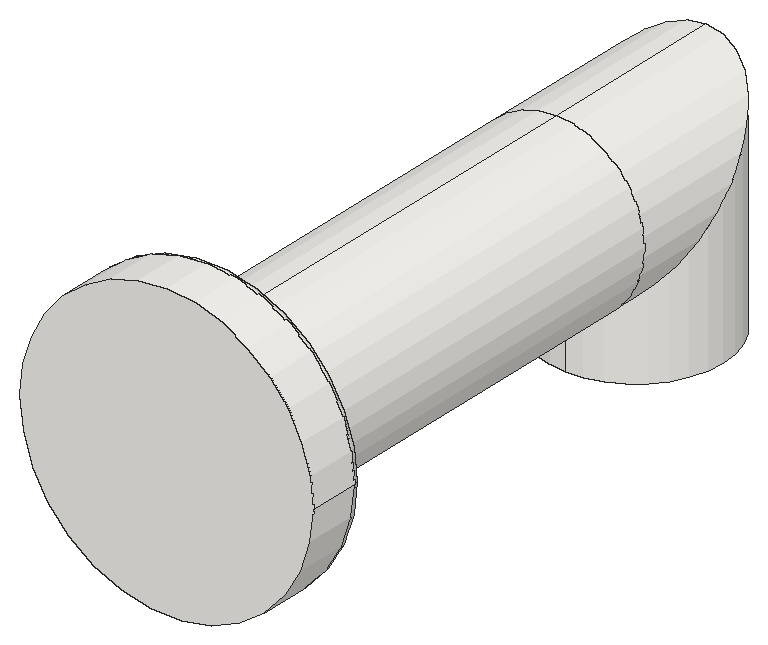
Revit family "S-1557_SPEAKMAN_TUB SPOUT", category Generic Models, host Wall, Revit 2023
Family settings
  Host = Wall
  Can host rebar = No
  Round Connector Dimension = Use Diameter
  Part Type = Normal
  Always vertical = Yes
  Cut with Voids When Loaded = No
  Maintain Annotation Orientation = No
  Shared = No
  Room Calculation Point = No
Parameters
  MATERIAL_S-1557 = MATERIAL_S-1557
  LENGTH_ = 0' - 4 1/2"
  LENGTH = 0' - 5"
  Default Elevation = 0' - 0"
  12 = 0' - 1 1/2"
  1 = 0' - 2 1/2"
Reference planes (in)
  plane 1: y = 0
  plane 2 "Center (Left/Right)": x = 0
  plane 3 "Wall Edge": y = 3
  plane 4: z = 16.72149
  plane 5: z = 15.47149
  plane 6: z = 14.22149
  plane 7: x = 1.25
  plane 8: x = -1.25
  plane 9: z = 16.22149
  plane 10: z = 14.72149
  plane 11: y = 3.5
  plane 12: y = 8.75
  plane 13 "12": through (0, 7.25018, 14.72149) normal (0, 0.7071, -0.7071)
  plane 14: y = 8
  plane 15: y = 8.75
  plane 16: x = -0.75
  plane 17: x = 0.75
Forms (in)
  Sweep 1, solid, material "MATERIAL_S-1557" <- "MATERIAL_S-1557"
    path origin (0, 0, -46) x (0, 1, 0) y (0, 0, 1)
      loop
        line (3.5, 61.47149) -> (7.15291, 61.47149) -> (8, 61.47149) -> (8, 60.22149)
    profile origin (0, 5.32646, 15.47149) x (0, 0, 1) y (1, 0, 0)
      loop
        circle (0, 0) r 0.75
  Revolve 2, solid, material "MATERIAL_S-1557" <- "MATERIAL_S-1557"
    sketch origin (0, 0, -46) x (0, 1, 0) y (0, 0, 1)
      loop
        line (3.5, 61.47149) -> (3.65052, 61.47149) -> (3.65052, 62.22149)
        arc (3.65052, 62.22149) -> (3.54409, 62.26558) -> (3.5, 62.37201) r 0.15052
        line (3.5, 62.37201) -> (3.5, 61.47149)
      axis (3.5, 61.47149) -> (3.65052, 61.47149)
    angle from 0 to 360
  Extrusion 3, solid, material "MATERIAL_S-1557" <- "MATERIAL_S-1557"
    sketch origin (0, 3, 0) x (1, 0, 0) y (0, 0, 1)
      loop
        circle (0, 15.47149) r 1.25
    from -0.5 to 0
  Sweep 4, void
    path in 3D
      loop
        arc (-1.25, 3.5, 15.47149) -> (0, 3.5, 14.22149) -> (1.25, 3.5, 15.47149) r 1.25
        arc (1.25, 3.5, 15.47149) -> (0, 3.5, 16.72149) -> (-1.25, 3.5, 15.47149) r 1.25
    profile origin (0, 3.5, 16.72149) x (0, 0, 1) y (0, 1, 0)
      loop
        line (0, 0) -> (-0.0625, 0)
        arc (-0.0625, 0) -> (-0.01831, -0.01831) -> (0, -0.0625) r 0.0625
        line (0, -0.0625) -> (0, 0)
Cuts and joins
  Sweep 4 cuts Sweep 1
  Sweep 4 cuts Revolve 2
  Sweep 4 cuts Extrusion 3
  joined: Sweep 1, Revolve 2, Extrusion 3
Lines and regions (in)
  sketch lines
    curve 1: arc (1.25, 3.5, 15.47149) -> (0, 3.5, 16.72149) -> (-1.25, 3.5, 15.47149) r 1.25
    curve 2: arc (-1.25, 3.5, 15.47149) -> (0, 3.5, 14.22149) -> (1.25, 3.5, 15.47149) r 1.25
Text (in)
  text "Placement Side" at (0, 40.15149, 123.01588), in view "Right"
  text "Placement Side" at (-70.3804, 28.46503, 0), in view "Ref. Level"
  text "Placement Side" at (0, 81.62555, 140.59947), in view "Left"
Dimensions and locks (in)
  locked: plane 3 "Wall Edge" to host wall
  equal spacing: plane 6, plane 5, plane 4
  equal spacing: plane 8, plane 2 "Center (Left/Right)", plane 7
  plane 12 to plane 11 = 0' - 5 1/4"
  plane 10 to plane 9 = 0' - 1 1/2"
  plane 8 to plane 7 = 0' - 2 1/2"  (x2)
  plane 6 to plane 4 = 0' - 2 1/2"
  "LENGTH_": plane 14 to plane 11
  locked: plane 12 to plane 14 at 0.75
  plane 11 to host wall = 0' - 0 1/2"
  plane 12 to host wall = 0' - 5 3/4"
  plane 4 to plane 6 = 0' - 2 1/2"  (x2)
  plane 9 to plane 10 = 0' - 1 1/2"  (x2)
  host wall to plane 12 = 0' - 5 3/4"
  plane 11 to plane 12 = 0' - 5 1/4"
  plane 14 to plane 12 = 0' - 0 3/4"
  host wall to plane 11 = 0' - 0 1/2"
  plane 3 "Wall Edge" to plane 15 = 0' - 5 3/4"
  equal spacing: plane 17, plane 2 "Center (Left/Right)", plane 16
  plane 17 to plane 16 = 0' - 1 1/2"
  plane 16 to plane 17 = 0' - 1 1/2"
  plane 15 to plane 11 = 0' - 5 1/4"
  plane 11 to plane 3 "Wall Edge" = 0' - 0 1/2"
  diameter of Sweep 1 sketch curve = 0' - 1 1/2"
  aligned and locked: plane 14 to Sweep 1 sketch curve
Automatic sketch dimensions
  Sweep 1 sketch curve to plane 11 = 0' - 0"
  Sweep 1 sketch curve to plane 5 = 0' - 0"
  Sweep 1 sketch curve to plane 6 = 0' - 0"
  plane 12 to Sweep 1 sketch curve = 0' - 1.59709"
  Sweep 1 sketch curve to plane 2 "Center (Left/Right)" = 0' - 0"
  Sweep 1 sketch curve to profile plane = 0' - 0"
  Revolve 2 sketch curve to plane 11 = 0' - 0"  (x2)
  Revolve 2 sketch curve to plane 5 = 0' - 0"  (x2)
  Revolve 2 sketch curve to plane 9 = 0' - 0"
  Revolve 2 sketch curve to Revolve 2 sketch curve = 0' - 0.15052"
  Revolve 2 sketch curve to Revolve 2 sketch curve = 0' - 0.03227"
  Extrusion 3 sketch curve to plane 2 "Center (Left/Right)" = 0' - 0"
  Extrusion 3 sketch curve to plane 5 = 0' - 0"
  Sweep 4 sketch curve to profile plane = 0' - 0"  (x2)
  profile plane to Sweep 4 sketch curve = 0' - 0"
  profile plane to Sweep 4 sketch curve = 0' - 0 1/16"
  Sweep 4 sketch curve to Sweep 4 sketch curve = 0' - 0"
  radius of Extrusion 3 sketch curve = 0' - 1 1/4"
